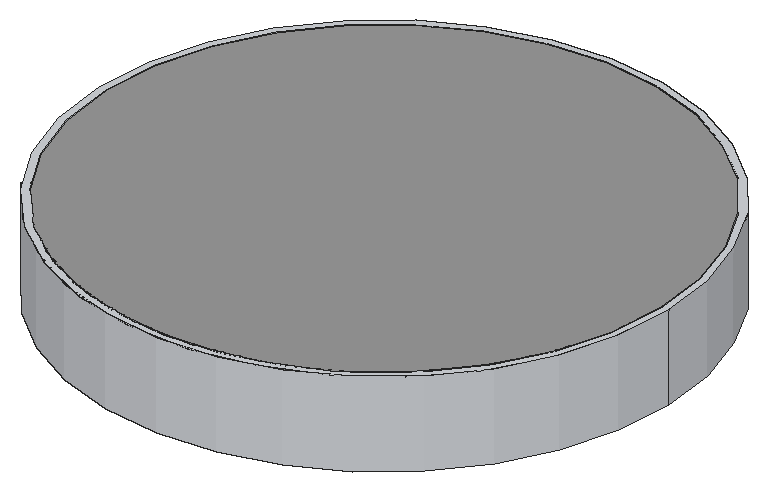
Revit family "2071146", category Lighting Fixtures, host Face, Revit 2018
Family settings
  Host = Face
  Round Connector Dimension = Use Diameter
  Part Type = Normal
  OmniClass Number = 23.80.70.00
  OmniClass Title = Lighting
  Cut with Voids When Loaded = No
  Light Source = Yes
  Shared = No
  Room Calculation Point = No
Parameters (values of type "2071146 COLOSSAL 400 840 PR DIR+H WHT")
  iner diameter = 390 mm
  Weight = "n/a"
  Wattage Comments = ""
  Wattage = 30 W
  WarrantyStartDate [instance] = "n/a"
  WarrantyGuarantorParts = "n/a"
  WarrantyDurationUnit = "n/a"
  WarrantyDurationParts = ""
  WarrantyDescription = "http://www.sylvania-lighting.com"
  built-in parameter 1150110 = 1 (stored number, unit not read)
  Voltage = 230 V
  URL = "0.93"
  TypeName = "COLOSSAL 400mm 840 PRISM DIR+HAL WHITE"
  Type Image = <None>
  Type Comments = "n/a"
  built-in parameter 1114217 = 1 (stored number, unit not read)
  Tilt Angle = -90.00°
  built-in parameter 1150109 = 1 (stored number, unit not read)
  built-in parameter 1150134 = (empty or 0)
  built-in parameter 1150113 = 1 (stored number, unit not read)
  SerialNumber [instance] = "n/a"
  Photometric Web File = "2071146.ies"
  Material_3_SYL = LED-Sylvania
  PowerFactor = 0
  PowerConsumption = "Lighting"
  NominalLength = 400 mm
  NominalHeight = 93 mm
  NominalDepth = 400 mm
  Name = "COLOSSAL 400mm 840 PRISM DIR+HAL WHITE"
  ModelReference = Name  # "COLOSSAL 400mm 840 PRISM DIR+HAL WHITE"
  ModelNumber = "2071146"
  Model = Name  # "COLOSSAL 400mm 840 PRISM DIR+HAL WHITE"
  Material = "Feilo Sylvania"
  ManufacturerName = "126 lm/W"
  Manufacturer = ""
  LuminousEfficacy = ""
  built-in parameter 1150105 = 270.44 (stored number, unit not read)
  Lumens = 3398.4 lm
  LuminaireType = "0"
  built-in parameter 1150115 = 1 (stored number, unit not read)
  LightOutputRatio = "LED"
  built-in parameter 1150137 = (empty or 0)
  built-in parameter 1150139 = (empty or 0)
  LampsType = Lamp  # "n/a"
  LampNominalLuminous = "4000 K"
  LampMacAdamStep = "80"
  LampColourTemperature = "LED"
  LampColourRenderingIndex = "16500"
  built-in parameter 1150112 = 1 (stored number, unit not read)
  built-in parameter 1150114 = 1 (stored number, unit not read)
  Lamp = "n/a"
  Keynote = "n/a"
  InstallationDate [instance] = "n/a"
  InputVoltage = "0"
  InputNominalFrequency = "4000"
  built-in parameter 1150132 = (empty or 0)
  built-in parameter 1150102 = (empty or 0)
  built-in parameter 1150107 = 3000 (stored number, unit not read)
  built-in parameter 1150138 = (empty or 0)
  IngressProtection = "IfcLightFixtureType"
  ImpactProtectionIndex = "IfcLightFixtureType"
  built-in parameter 1150106 = 2.7044 (stored number, unit not read)
  IfcExportType = "IfcLightFixtureType"
  IfcExportAs = "Class I"
  Emit from Circle Diameter = 385 mm
  Emit Shape Visible in Rendering = no
  ElectricShockClassification = "126"
  built-in parameter 1150104 = 10.524 (stored number, unit not read)
  DocumentationLiterature = "http://www.sylvania-lighting.com/product/en-int/products/2071146"
  DimmingControlOptions = "n/a"
  Material_2_SYL = Polycarbonate_Sylvania_White
  Dimming Lamp Color Temperature Shift = <None>
  Description = "400mm diameter circular architectural luminaire, can be surface mounted or suspended. Powder coated aluminium housing (RAL9016) with PMMA prismatic diffuser. Direct/indirect (halo) light distribution, 2015lm luminuous flux, 16W system power, 126lm/W luminiaire efficacy. Constant current driver. Colour rendering index Ra >80, 4000K Neutral White LED, chromaticity tolerance of 3-step MacAdam ellipse. IP40, IK03. 350mA drive current. UGR≤19. Electrical protection Class1, 220-240V. Reported lifetime 66k hours L90B10."
  Default Elevation = 1219.2 mm
  CreatedOn = "22/03/2022"
  CreatedBy = "@sylvania-lighting.com"
  Cost = 0
  Color Filter = 16777215
  built-in parameter 1114216 [instance] = (empty or 0)
  ClassificationValue = "EF_70_80"
  ClassificationName = "Uniclass2015"
  Material_1_SYL = Polycarbonate_Sylvania_Opal
  BarCode [instance] = "n/a"
  built-in parameter 1114218 = 1 (stored number, unit not read)
  built-in parameter 1150133 = 10 (stored number, unit not read)
  AssetType = "Fixed"
  AssetIdentifier [instance] = "n/a"
  Assembly Code = "D5020200"
  Apparent Load = 16 VA
  Material_4_SYL = none
Reference planes
  plane 1 "Center (Front/Back)": y = 0
  plane 2: z = 0
  plane 3 "Center (Left/Right)": x = 0
  plane 4: x = -200
  plane 5: x = 200
  plane 6: y = 200
  plane 7: y = -200
  plane 8: y = 236
  plane 9: y = -236
  plane 10: z = 93
  plane 11: y = 195
  plane 12: y = -195
  plane 13: y = 90.5
  plane 14: y = 144.5
  plane 15: through (52.25, 90.5, 1219.2) normal (0.866, 0.5, 0)
  plane 16: through (52.25, 90.5, 1219.2) normal (0.866, 0.5, 0)
  plane 17: through (63.706, 126.657, 1219.2) normal (0.866, 0.5, 0)
  plane 18: through (-104.5, 0, 1219.2) normal (-0.866, 0.5, 0)
  plane 19: through (-142.394, -9.633, 1219.2) normal (-0.866, 0.5, 0)
  plane 20: y = -90.5
  plane 21: y = -118.5
  plane 22: through (85.371, -141.133, 1219.2) normal (-0.866, 0.5, 0)
  plane 23: through (52.25, -90.5, 1219.2) normal (-0.866, 0.5, 0)
  plane 24: through (-161.658, 0, 1219.2) normal (0.866, 0.5, 0)
  plane 25: through (-172.12, 9.121, 1219.2) normal (0.866, 0.5, 0)
  plane 26: through (-104.5, 0, 1219.2) normal (0.866, 0.5, 0)
Forms (mm)
  Extrusion 1, solid, detail levels medium+fine
    sketch origin (0, 0, 0) x (1, 0, 0) y (0, 1, 0)
      loop
        circle (0, 0) r 200
    from 33.023 to 93
  Extrusion 2, void
    sketch origin (0, 0, 0) x (1, 0, 0) y (0, 1, 0)
      loop
        circle (0, 0) r 195
    from 93 to 37.292
  Extrusion 3, solid, material "Glass, White, High Luminance", detail levels fine
    sketch origin (0, 0, 0) x (1, 0, 0) y (0, 1, 0)
      loop
        circle (0, 0) r 195
    from 88.026 to 93
  Extrusion 4, solid, detail levels coarse
    sketch origin (0, 0, 0) x (1, 0, 0) y (0, 1, 0)
      loop
        line (-200, 200) -> (-200, -200) -> (200, -200) -> (200, 200) -> (-200, 200)
    from 0 to 93
  Blend 5, solid, detail levels medium+fine
    base sketch origin (0, 0, 0) x (1, 0, 0) y (0, 1, 0)
      loop
        line (-52.25, 90.5) -> (-104.5, 0) -> (-52.25, -90.5) -> (52.25, -90.5) -> (104.5, 0) -> (52.25, 90.5) -> (-52.25, 90.5)
    top sketch origin (0, 0, 0) x (1, 0, 0) y (0, 1, 0)
      loop
        line (-53.405, 144.5) -> (-149.245, -21.5) -> (-93.242, -118.5) -> (98.438, -118.5) -> (151.843, -26) -> (53.405, 144.5) -> (-53.405, 144.5)
    from 0 to 33.023
Cuts and joins
  Extrusion 2 cuts Extrusion 1
Dimensions and locks
  "NominalDepth": plane 6 to plane 7
  "NominalLength": plane 4 to plane 5
  equal spacing: plane 4, plane 3 "Center (Left/Right)", plane 5
  "iner diameter": plane 11 to plane 12
  equal spacing: plane 11, plane 1 "Center (Front/Back)", plane 12
  equal spacing: plane 6, plane 1 "Center (Front/Back)", plane 7
  "NominalHeight": plane 10 to level
  plane 19 to plane 18 = 28 mm
  radius of Extrusion 2 sketch curve = 195 mm
  aligned and locked: plane 2 to host face
  aligned and locked: level to host face
Automatic sketch dimensions
  host sketch curve to host sketch curve = 2438.4 mm  (x2)
  plane 1 "Center (Front/Back)" to Extrusion 1 sketch curve = 0 mm
  Extrusion 1 sketch curve to plane 3 "Center (Left/Right)" = 0 mm
  plane 1 "Center (Front/Back)" to Extrusion 2 sketch curve = 0 mm
  Extrusion 2 sketch curve to plane 3 "Center (Left/Right)" = 0 mm
  plane 1 "Center (Front/Back)" to Extrusion 3 sketch curve = 0 mm
  Extrusion 3 sketch curve to plane 3 "Center (Left/Right)" = 0 mm
  Extrusion 4 sketch curve to plane 4 = 0 mm
  Extrusion 4 sketch curve to plane 5 = 0 mm
  Extrusion 4 sketch curve to plane 7 = 0 mm
  Extrusion 4 sketch curve to plane 6 = 0 mm
  Blend 5 sketch curve to plane 19 = 0 mm  (x2)
  Blend 5 sketch curve to plane 24 = 0 mm  (x2)
  Blend 5 sketch curve to plane 21 = 0 mm
  Blend 5 sketch curve to plane 14 = 0 mm
  Blend 5 sketch curve to plane 17 = 0 mm  (x2)
  Blend 5 sketch curve to plane 22 = 0 mm  (x2)
  radius of Extrusion 1 sketch curve = 200 mm
  radius of Extrusion 3 sketch curve = 195 mm
Connectors
  electrical at (0, 0, 0), driven by "Apparent Load", driven by "PowerFactor", driven by "Voltage"
    settings: index 1, voltage 230 V, apparent load 16 VA, apparent load phase1 0 VA, apparent load phase2 0 VA, apparent load phase3 0 VA, power factor 0, load classification "Lighting", number of poles 1, system type 30, power factor state 1, is connector primary yes, connector utility no, sub classification motor no, connector description ""
